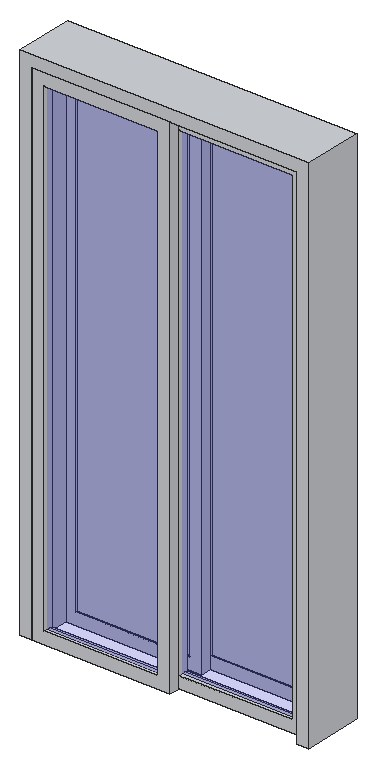
Revit family "Porta veneziana envidraçada de correr dupla sem revestimento", category Portas, Revit 2019
Family settings
  Hospedeiro = Parede
  Número OmniClass = 23.30.10.00
  Título OmniClass = Doors
  Sempre na vertical = Sim
  Corte com vazios quando carregada = Não
  Compartilhado = Não
  Ponto de cálculo do ambiente = Não
Parameters (values of type "1200 x 2180mm")
  Visual Light Transmittance = 0
  Espessura = Espessura da moldura do painel * 4 + 30 mm  # 190 mm
  Solar Heat Gain Coefficient = 0
  Rough Width = Width  # 1200 mm
  Rough Height = Height  # 2180 mm
  Largura da moldura do painel = 50 mm
  Espessura da moldura do painel = 40 mm
  Material do painel = none
  ID do tipo de construção = ""
  Coeficiente de transferência de calor (U) = 3.7021 W/(m²·K)
  Largura do puxador = 40 mm
  Material do puxador = none
  Altura do puxador = 200 mm
  Vidro = none
  Função = Exterior
  Largura da estrutura = 50 mm
  Height = 2180 mm
  Fechamento da parede = Por hospedeiro
  Width = 1200 mm
  Material da moldura = none
  Construção analítica = Metal
Types (5, lengths in mm): name | Rough Width | Width
  (no name) | 1200 | 1200
  1200 x 2180mm | 1200 | 1200
  1400 x 2180mm | 1400 | 1400
  1600 x 2180mm | 1600 | 1600
  1800 x 2180mm | 1800 | 1800
Reference planes
  plane 1: y = 0
  plane 2 "Centro (Esquerda/Direita)": x = 0
  plane 3 "Esquerda": x = -600
  plane 4 "Direita": x = 600
  plane 5: z = 2180
  plane 6 "Exterior": y = 125
  plane 7 "Interior": y = -125
  plane 8: x = -550
  plane 9: x = -500
  plane 10: x = 500
  plane 11: x = 550
  plane 12: y = -85
  plane 13: z = 0
  plane 14: z = 2080
  plane 15: z = 50
  plane 16: z = 2130
  plane 17: x = 25
  plane 18: x = -25
  plane 19: z = 1065
  plane 20: x = 262.5
  plane 21: x = -262.5
  plane 22: z = 900
  plane 23: y = -40
  plane 24: y = 80
  plane 25: y = -125
  plane 26: y = -80
  plane 27: y = 40
  plane 28: y = 85
  plane 29: y = 125
  plane 30: y = -105
  plane 31: y = -60
  plane 32: y = 60
  plane 33: y = 105
  plane 34: y = -98
  plane 35: y = -112
  plane 36: y = -53
  plane 37: y = -67
  plane 38: y = 72
  plane 39: y = 48
  plane 40: y = 117
  plane 41: y = 93
  plane 42: z = 1000
  plane 43: z = 800
  plane 44: x = 20
  plane 45: x = -20
  plane 46: z = 962
  plane 47: z = 838
  plane 48: x = 17
  plane 49: x = -17
  plane 50: x = 400
  plane 51: x = 125
  plane 52: through (400, 300, 1065) normal (0.5, 0, 0.866)
  plane 53: x = 400
  plane 54: through (400, 300, 1065) normal (-0.5, 0, 0.866)
  plane 55: x = -400
  plane 56: x = -125
  plane 57: through (-400, 300, 1065) normal (0.5, 0, -0.866)
  plane 58: x = -400
  plane 59: through (-400, 300, 1065) normal (-0.5, 0, -0.866)
  plane 60: x = 540
Forms (mm)
  Sweep 1, solid, material <- "Material da moldura", detail levels coarse+medium
    path origin (0, 125, 0) x (1, 0, 0) y (0, 0, 1)
      loop
        line (600, 0) -> (600, 2180) -> (-600, 2180) -> (-600, 0)
    profile origin (600, 125, 1090) x (-1, 0, 0) y (0, -1, 0)
      loop
        line (0, 0) -> (50, 0) -> (50, 250) -> (0, 250) -> (0, 0)
  Sweep 2, solid, material <- "Material da moldura"
    path origin (0, 125, 0) x (-1, 0, 0) y (0, 0, 1)
      loop
        line (-550, 0) -> (25, 0) -> (25, 2130) -> (-550, 2130) -> (-550, 0)
    profile origin (550, 125, 1065) x (-1, 0, 0) y (0, -1, 0)
      loop
        line (50, 165) -> (50, 205) -> (0, 205) -> (0, 165) -> (50, 165)
  Extrusion 3, solid, material <- "Vidro", detail levels fine
    sketch origin (0, 0, 0) x (-1, 0, 0) y (0, -1, 0)
      loop
        line (500, 98) -> (500, 112) -> (25, 112) -> (25, 98) -> (500, 98)
      loop
        line (-25, 53) -> (-25, 67) -> (-500, 67) -> (-500, 53) -> (-25, 53)
    from 50 to 2080
  Sweep 4, solid, material <- "Material da moldura"
    path origin (0, 125, 50) x (-1, 0, 0) y (0, 0, 1)
      loop
        line (550, -50) -> (550, 2080) -> (-25, 2080) -> (-25, -50) -> (550, -50)
    profile origin (-550, 125, 1065) x (-1, 0, 0) y (0, -1, 0)
      loop
        line (0, 210) -> (0, 250) -> (-50, 250) -> (-50, 210) -> (0, 210)
  Sweep 5, solid, material <- "Material da moldura", detail levels coarse+medium
    path origin (0, 125, 0) x (1, 0, 0) y (0, 0, 1)
      loop
        line (550, 0) -> (550, 2130) -> (-25, 2130) -> (-25, 0) -> (550, 0)
    profile origin (550, 125, 1065) x (-1, 0, 0) y (0, -1, 0)
      loop
        line (50, 0) -> (50, 40) -> (0, 40) -> (0, 0) -> (50, 0)
  Sweep 6, solid, material <- "Material da moldura"
    path origin (0, 125, 0) x (1, 0, 0) y (0, 0, 1)
      loop
        line (25, 0) -> (25, 2130) -> (-550, 2130) -> (-550, 0) -> (25, 0)
    profile origin (25, 125, 1065) x (-1, 0, 0) y (0, -1, 0)
      loop
        line (50, 45) -> (50, 85) -> (0, 85) -> (0, 45) -> (50, 45)
  Extrusion 7, solid, material <- "Vidro"
    sketch origin (0, -125, 0) x (-1, 0, 0) y (0, -1, 0)
      loop
        line (500, -27) -> (500, -13) -> (25, -13) -> (25, -27) -> (500, -27)
      loop
        line (-25, -72) -> (-25, -58) -> (-500, -58) -> (-500, -72) -> (-25, -72)
    from 50 to 2080
  Sweep 8, solid, material <- "Material da moldura", detail levels fine
    path origin (0, 225, 0) x (1, 0, 0) y (0, 0, 1)
      loop
        line (550, 0) -> (550, 2130) -> (-25, 2130) -> (-25, 0) -> (550, 0)
    profile origin (550, 225, 1065) x (-1, 0, 0) y (0, -1, 0)
      loop
        line (50, 100) -> (50, 140) -> (0, 140) -> (0, 100) -> (50, 100)
  Sweep 9, solid, material <- "Material da moldura", detail levels fine
    path origin (0, 150, 0) x (1, 0, 0) y (0, 0, 1)
      loop
        line (600, 0) -> (600, 2180) -> (-600, 2180) -> (-600, 0)
    profile origin (600, 150, 1090) x (-1, 0, 0) y (0, -1, 0)
      loop
        line (0, 25) -> (50, 25) -> (50, 110) -> (60, 110) -> (60, 190) -> (50, 190) -> (50, 275) -> (0, 275) -> (0, 25)
  Extrusion 10, solid, material <- "Material do painel", detail levels medium+fine
    sketch origin (0, 180, 0) x (1, 0, 0) y (0, 1, 0)
      loop
        line (-500, -108) -> (-500, -132) -> (-25, -132) -> (-25, -108) -> (-500, -108)
      loop
        line (25, -63) -> (25, -87) -> (500, -87) -> (500, -63) -> (25, -63)
    from 50 to 2080
  Extrusion 11, solid, material <- "Material do painel"
    sketch origin (120, 387.846, 0) x (1, 0, 0) y (0, 1, 0)
      loop
        line (-620, -315.846) -> (-620, -339.846) -> (-145, -339.846) -> (-145, -315.846) -> (-620, -315.846)
      loop
        line (-95, -270.846) -> (-95, -294.846) -> (380, -294.846) -> (380, -270.846) -> (-95, -270.846)
    from 50 to 2080
Lines and regions (mm)
  Opening 1
    outline origin (-3050, -125, 0) x (1, 0, 0) y (0, 0, 1)
      loop
        line (2450, 0) -> (3650, 0) -> (3650, 2180) -> (2450, 2180) -> (2450, 0)
  symbolic lines, style "Giro da elevação"
    curve 1: line (550, 125, 2130) -> (-25, 125, 0)
    curve 2: line (-25, 125, 2130) -> (550, 125, 0)
    curve 3: line (-550, 125, 2130) -> (25, 125, 0)
    curve 4: line (25, 125, 2130) -> (-550, 125, 0)
  model lines, style "DoorsGlassProjection", detail levels medium
    curve 5: line (-25, -105, 2080) -> (-500, -105, 2080)
    curve 6: line (-25, -105, 50) -> (-25, -105, 2080)
    curve 7: line (-500, -105, 50) -> (-25, -105, 50)
    curve 8: line (-500, -105, 2080) -> (-500, -105, 50)
    curve 9: line (500, -60, 2080) -> (25, -60, 2080)
    curve 10: line (500, -60, 50) -> (500, -60, 2080)
    curve 11: line (25, -60, 50) -> (500, -60, 50)
    curve 12: line (25, -60, 2080) -> (25, -60, 50)
  symbolic lines, style "Seta"
    curve 13: line (400, -60, 1065) -> (125, -60, 1065)
    curve 14: line (400, -60, 1065) -> (322.058, -60, 1110)
    curve 15: line (400, -60, 1065) -> (322.058, -60, 1020)
    curve 16: line (-400, -60, 1065) -> (-125, -60, 1065)
    curve 17: line (-400, -60, 1065) -> (-322.058, -60, 1110)
    curve 18: line (-400, -60, 1065) -> (-322.058, -60, 1020)
Text (mm)
  text "Externo" at (-2295.016, 1099.543, 0), in view "Nível de referência"
  text "Externo" at (0, 1615.38, 3698.081), in view "Esquerda"
  text "Externo" at (0, 1036.032, 3874.932), in view "Direita"
Dimensions and locks
  equal spacing: plane 3 "Esquerda", plane 2 "Centro (Esquerda/Direita)", plane 4 "Direita"
  "Width": plane 3 "Esquerda" to plane 4 "Direita"
  "Height": host wall to plane 5
  host wall to plane 5 = 2180 mm
  locked: plane 6 "Exterior" to host wall at 0
  locked: plane 7 "Interior" to host wall
  "Largura da estrutura": plane 3 "Esquerda" to plane 8
  "Largura da estrutura": plane 11 to plane 4 "Direita"
  "Largura da moldura do painel": plane 8 to plane 9
  "Largura da moldura do painel": plane 10 to plane 11
  "Largura da estrutura": plane 16 to plane 5
  "Largura da moldura do painel": plane 14 to plane 16
  "Largura da moldura do painel": plane 13 to plane 15
  equal spacing: plane 18, plane 2 "Centro (Esquerda/Direita)", plane 17
  "Largura da moldura do painel": plane 18 to plane 17
  equal spacing: plane 13, plane 19, plane 16
  equal spacing: plane 11, plane 20, plane 18
  equal spacing: plane 8, plane 21, plane 17
  locked: plane 13 to plane 22 at 900
  equal spacing: plane 43, plane 22, plane 42
  "Altura do puxador": plane 43 to plane 42
  equal spacing: plane 45, plane 2 "Centro (Esquerda/Direita)", plane 44
  "Largura do puxador": plane 45 to plane 44
  locked: plane 46 to plane 42 at 38
  locked: plane 43 to plane 47 at 38
  locked: plane 45 to plane 49 at 3
  locked: plane 48 to plane 44 at 3
  "Espessura da moldura do painel": plane 12 to plane 25
  "Espessura da moldura do painel": plane 23 to plane 26
  "Espessura da moldura do painel": plane 24 to plane 27
  "Espessura da moldura do painel": plane 29 to plane 28
  equal spacing: plane 12, plane 30, plane 25
  plane 34 to plane 30 to plane 35 = 7 mm locked, 7 mm locked
  equal spacing: plane 24, plane 32, plane 27
  plane 38 to plane 32 to plane 39 = 12 mm locked, 12 mm locked
  equal spacing: plane 29, plane 33, plane 28
  plane 41 to plane 33 to plane 40 = 12 mm locked, 12 mm locked
  equal spacing: plane 23, plane 31, plane 26
  plane 36 to plane 31 to plane 37 = 7 mm locked, 7 mm locked
  locked: plane 50 to plane 51 at 275
  equal spacing: plane 50, plane 20, plane 51
  locked: curve 14 to curve 14 at 90
  locked: curve 15 to curve 15 at 90
  locked: plane 55 to plane 56 at 275
  equal spacing: plane 55, plane 21, plane 56
  locked: curve 17 to curve 17 at 90
  locked: curve 18 to curve 18 at 90
  locked: plane 60 to plane 11 at 10
  locked: plane 26 to plane 12 at 5
  locked: plane 28 to plane 24 at 5
  locked: plane 19 to plane 52 (angle 30.00°)
  locked: plane 54 to plane 19 (angle 30.00°)
  locked: plane 57 to plane 19 (angle 30.00°)
  locked: plane 19 to plane 59 (angle 30.00°)
  aligned and locked: plane 3 "Esquerda" to Opening 1 sketch curve
  aligned and locked: plane 5 to Opening 1 sketch curve  (x2)
  aligned and locked: Opening 1 sketch curve to plane 4 "Direita"
  aligned and locked: Opening 1 sketch curve to level
  aligned and locked: plane 1 to host wall
  aligned and locked: level to plane 13
  aligned and locked: Sweep 1 sketch curve to plane 3 "Esquerda"
  aligned and locked: plane 5 to Sweep 1 sketch curve
  aligned and locked: plane 4 "Direita" to Sweep 1 sketch curve
  aligned and locked: Sweep 1 sketch curve to profile plane
  aligned and locked: Sweep 1 sketch curve to host wall
  aligned and locked: host wall to Sweep 1 sketch curve
  aligned and locked: Sweep 1 sketch curve to plane 11
  aligned and locked: Sweep 4 sketch curve to plane 8
  aligned and locked: Sweep 4 sketch curve to plane 17
  aligned and locked: Sweep 2 sketch curve to plane 11
  aligned and locked: Sweep 2 sketch curve to plane 16
  aligned and locked: Sweep 2 sketch curve to plane 18
  aligned and locked: plane 13 to Sweep 2 sketch curve
  aligned and locked: plane 16 to curve 1
  aligned and locked: plane 11 to curve 1
  aligned and locked: plane 18 to curve 2
  aligned and locked: plane 16 to curve 2
  aligned and locked: plane 11 to curve 2
  aligned and locked: plane 13 to curve 2
  aligned and locked: plane 18 to curve 1
  aligned and locked: plane 13 to curve 1
  aligned and locked: plane 16 to curve 3
  aligned and locked: plane 8 to curve 3
  aligned and locked: plane 16 to curve 4
  aligned and locked: plane 13 to curve 4
  aligned and locked: plane 8 to curve 4
  aligned and locked: plane 17 to curve 3
  aligned and locked: plane 13 to curve 3
  aligned and locked: Sweep 4 sketch curve to plane 13
  aligned and locked: plane 16 to Sweep 4 sketch curve
  aligned and locked: Sweep 5 sketch curve to plane 18
  aligned and locked: Sweep 5 sketch curve to plane 11
  aligned and locked: Sweep 5 sketch curve to plane 16
  aligned and locked: Sweep 6 sketch curve to plane 16
  aligned and locked: plane 17 to Sweep 6 sketch curve
  aligned and locked: plane 8 to Sweep 6 sketch curve
  aligned and locked: plane 13 to Sweep 5 sketch curve
  aligned and locked: plane 13 to Sweep 6 sketch curve
  aligned and locked: Sweep 4 sketch curve to plane 12
  aligned and locked: profile plane to Sweep 4 sketch curve
  aligned and locked: plane 25 to Sweep 4 sketch curve
  aligned and locked: Sweep 4 sketch curve to plane 9
  aligned and locked: Sweep 2 sketch curve to plane 23
  aligned and locked: plane 10 to Sweep 2 sketch curve
  aligned and locked: plane 26 to Sweep 2 sketch curve
  aligned and locked: Sweep 2 sketch curve to profile plane
  aligned and locked: Sweep 5 sketch curve to plane 29
  aligned and locked: plane 10 to Sweep 5 sketch curve
  aligned and locked: plane 28 to Sweep 5 sketch curve
  aligned and locked: Sweep 5 sketch curve to profile plane
  aligned and locked: Extrusion 3 sketch curve to plane 34
  aligned and locked: plane 9 to Extrusion 3 sketch curve
  aligned and locked: Extrusion 3 sketch curve to plane 35
  aligned and locked: plane 18 to Extrusion 3 sketch curve
  aligned and locked: Extrusion 3 sketch curve to plane 36
  aligned and locked: Extrusion 3 sketch curve to plane 17
  aligned and locked: Extrusion 3 sketch curve to plane 37
  aligned and locked: Extrusion 3 sketch curve to plane 10
  aligned and locked: plane 14 to Extrusion 3
  aligned and locked: plane 14 to Extrusion 7
  aligned and locked: Extrusion 7 to plane 15
  aligned and locked: Extrusion 7 sketch curve to Extrusion 3  (x8)
  aligned and locked: curve 5 to plane 14
  aligned and locked: plane 15 to curve 7
  aligned and locked: plane 18 to curve 6
  aligned and locked: plane 9 to curve 8
  aligned and locked: curve 9 to plane 14
  aligned and locked: plane 15 to curve 11
  aligned and locked: curve 12 to plane 17
  aligned and locked: curve 10 to plane 10
  aligned and locked: nested 1 to plane 29
  aligned and locked: plane 2 "Centro (Esquerda/Direita)" to nested 1
  aligned and locked: plane 22 to nested 1
  aligned and locked: Sweep 8 sketch curve to plane 16
  aligned and locked: Sweep 8 sketch curve to plane 11  (x2)
  aligned and locked: Sweep 8 sketch curve to plane 18
  aligned and locked: plane 13 to Sweep 8 sketch curve
  aligned and locked: Sweep 8 sketch curve to plane 29
  aligned and locked: plane 10 to Sweep 8 sketch curve
  aligned and locked: plane 28 to Sweep 8 sketch curve
  aligned and locked: plane 27 to Sweep 6 sketch curve
  aligned and locked: Sweep 6 sketch curve to plane 18
  aligned and locked: Sweep 6 sketch curve to profile plane
  aligned and locked: Sweep 6 sketch curve to plane 24
  aligned and locked: plane 18 to Sweep 6
  aligned and locked: Sweep 8 to plane 10
  aligned and locked: Sweep 8 to plane 17
  aligned and locked: plane 4 "Direita" to Sweep 9 sketch curve
  aligned and locked: Sweep 9 sketch curve to plane 3 "Esquerda"
  aligned and locked: level to Sweep 9 sketch curve  (x2)
  aligned and locked: plane 5 to Sweep 9 sketch curve
  aligned and locked: plane 29 to plane 6 "Exterior"
  aligned and locked: Sweep 9 sketch curve to plane 60
  aligned and locked: plane 7 "Interior" to Sweep 9 sketch curve
  aligned and locked: plane 29 to Sweep 9 sketch curve
  aligned and locked: plane 27 to Sweep 9 sketch curve
  aligned and locked: Sweep 9 sketch curve to plane 23
  aligned and locked: plane 25 to plane 7 "Interior"
  aligned and locked: Extrusion 10 sketch curve to plane 38
  aligned and locked: Extrusion 10 sketch curve to plane 39
  aligned and locked: plane 9 to Extrusion 10 sketch curve
  aligned and locked: plane 18 to Extrusion 10 sketch curve
  aligned and locked: plane 41 to Extrusion 10 sketch curve
  aligned and locked: plane 40 to Extrusion 10 sketch curve
  aligned and locked: Extrusion 10 sketch curve to plane 17
  aligned and locked: Extrusion 10 sketch curve to plane 10
  aligned and locked: plane 14 to Extrusion 10
  aligned and locked: Extrusion 10 to plane 15
  aligned and locked: plane 9 to Extrusion 11 sketch curve
  aligned and locked: Extrusion 11 sketch curve to plane 39
  aligned and locked: Extrusion 11 sketch curve to plane 38
  aligned and locked: plane 18 to Extrusion 11 sketch curve
  aligned and locked: Extrusion 11 sketch curve to plane 17
  aligned and locked: plane 41 to Extrusion 11 sketch curve
  aligned and locked: plane 40 to Extrusion 11 sketch curve
  aligned and locked: Extrusion 11 sketch curve to plane 10
  aligned and locked: plane 14 to Extrusion 11
  aligned and locked: Extrusion 11 to plane 15
Automatic sketch dimensions
  Sweep 1 sketch curve to level = 0 mm  (x2)
  plane 17 to curve 4 = 0 mm
  curve 14 to plane 19 = 0 mm
  curve 14 to plane 50 = 0 mm
  curve 14 to plane 52 = 0 mm
  curve 15 to plane 54 = 0 mm
  curve 13 to plane 51 = 0 mm
  curve 16 to plane 19 = 0 mm
  curve 16 to plane 56 = 0 mm
  plane 57 to curve 17 = 0 mm
  plane 59 to curve 18 = 0 mm
  curve 18 to plane 55 = 0 mm
  Sweep 9 sketch curve to profile plane = 0 mm
  Sweep 9 sketch curve to Sweep 9 sketch curve = 50 mm  (x2)
Nested families
  nested 1: "Maçaneta da porta 3" at (0, 125, 900), type "Maçaneta da porta 3", detail levels fine
Definition of nested family "Maçaneta da porta 3"
  Parameters
    Width = 40 mm
    Thickness = 3 mm
    Rough Width = Width  # 40 mm
    Rough Height = Height  # 200 mm
    Height = 200 mm
    Material do puxador = none
  Reference planes
    plane 1 "Centro (Frente/Trás)": y = 0
    plane 2: z = 0
    plane 3 "Centro (Esquerda/Direita)": x = 0
    plane 4: x = -20
    plane 5: x = 20
    plane 6: y = 3
    plane 7: z = 100
    plane 8: z = -100
    plane 9: y = -10
    plane 10: x = 15
    plane 11: x = -15
    plane 12: z = 60
    plane 13: z = -60
    plane 14: z = 85
    plane 15: z = -85
    plane 16: z = 62
    plane 17: x = 17
    plane 18: x = -17
    plane 19: z = -62
    plane 20: y = -8
    plane 21: y = -15
  Forms (mm)
    Extrusion 1, solid, material <- "Material do puxador"
      sketch origin (0, 0, 0) x (1, 0, 0) y (0, 0, 1)
        loop
          line (10, 100) -> (-10, 100)
          arc (-10, 100) -> (-17.071, 97.071) -> (-20, 90) r 10
          line (-20, 90) -> (-20, -90)
          arc (-20, -90) -> (-17.071, -97.071) -> (-10, -100) r 10
          line (-10, -100) -> (10, -100)
          arc (10, -100) -> (17.071, -97.071) -> (20, -90) r 10
          line (20, -90) -> (20, 90)
          arc (20, 90) -> (17.071, 97.071) -> (10, 100) r 10
        loop
          line (10, 60) -> (-10, 60)
          arc (-10, 60) -> (-13.536, 58.536) -> (-15, 55) r 5
          line (-15, 55) -> (-15, -55)
          arc (-15, -55) -> (-13.536, -58.536) -> (-10, -60) r 5
          line (-10, -60) -> (10, -60)
          arc (10, -60) -> (13.536, -58.536) -> (15, -55) r 5
          line (15, -55) -> (15, 55)
          arc (15, 55) -> (13.536, 58.536) -> (10, 60) r 5
        loop
          circle (0, 85) r 5
        loop
          circle (0, -85) r 5
      from -3 to 0
    Extrusion 2, solid, material <- "Material do puxador"
      sketch origin (0, 0, 0) x (1, 0, 0) y (0, 0, 1)
        loop
          arc (-10, 60) -> (-13.536, 58.536) -> (-15, 55) r 5
          line (-15, 55) -> (-15, -55)
          arc (-15, -55) -> (-13.536, -58.536) -> (-10, -60) r 5
          line (-10, -60) -> (10, -60)
          arc (10, -60) -> (13.536, -58.536) -> (15, -55) r 5
          line (15, -55) -> (15, 55)
          arc (15, 55) -> (13.536, 58.536) -> (10, 60) r 5
          line (10, 60) -> (-10, 60)
        loop
          arc (-10, 62) -> (-14.95, 59.95) -> (-17, 55) r 7
          line (-17, 55) -> (-17, -55)
          arc (-17, -55) -> (-14.95, -59.95) -> (-10, -62) r 7
          line (-10, -62) -> (10, -62)
          arc (10, -62) -> (14.95, -59.95) -> (17, -55) r 7
          line (17, -55) -> (17, 55)
          arc (17, 55) -> (14.95, 59.95) -> (10, 62) r 7
          line (10, 62) -> (-10, 62)
      from 0 to 10
    Extrusion 3, solid, material <- "Material do puxador"
      sketch origin (0, 0, 0) x (1, 0, 0) y (0, 0, 1)
        loop
          arc (-10, 60) -> (-13.536, 58.536) -> (-15, 55) r 5
          line (-15, 55) -> (-15, -55)
          arc (-15, -55) -> (-13.536, -58.536) -> (-10, -60) r 5
          line (-10, -60) -> (10, -60)
          arc (10, -60) -> (13.536, -58.536) -> (15, -55) r 5
          line (15, -55) -> (15, 55)
          arc (15, 55) -> (13.536, 58.536) -> (10, 60) r 5
          line (10, 60) -> (-10, 60)
      from 8 to 10
    Extrusion 4, void
      sketch origin (0, 0, 0) x (1, 0, 0) y (0, 0, 1)
        loop
          line (-17, 62) -> (-17, -62) -> (17, -62) -> (17, 62) -> (-17, 62)
      from 0 to 15
  Cuts and joins
    Extrusion 4 cuts Extrusion 1
    Extrusion 4 cuts Extrusion 2
    Extrusion 4 cuts Extrusion 3
    joined: Extrusion 1, Extrusion 2, Extrusion 3
  Dimensions and locks
    equal spacing: plane 4, plane 3 "Centro (Esquerda/Direita)", plane 5
    "Thickness": plane 6 to plane 1 "Centro (Frente/Trás)"
    "Width": plane 4 to plane 5
    equal spacing: plane 7, plane 2, plane 8
    "Height": plane 7 to plane 8
    locked: plane 10 to plane 5 at 5
    locked: plane 4 to plane 11 at 5
    locked: plane 8 to plane 13 at 40
    locked: plane 12 to plane 7 at 40
    locked: plane 14 to plane 7 at 15
    locked: plane 8 to plane 15 at 15
    locked: plane 9 to cut or joined group of Extrusion 1, Extrusion 2, Extrusion 3, Extrusion 4 at 10
    locked: plane 18 to plane 11 at 2
    locked: plane 19 to plane 13 at 2
    locked: plane 12 to plane 16 at 2
    locked: plane 10 to plane 17 at 2
    locked: plane 20 to plane 9 at 2
    locked: plane 9 to plane 21 at 5
    radius of Extrusion 1 sketch curve = 10 mm  (x4)
    radius of Extrusion 1 sketch curve = 5 mm  (x6)
    radius of Extrusion 2 sketch curve = 7 mm  (x4)
    aligned and locked: level to plane 2
    aligned and locked: plane 7 to Extrusion 1 sketch curve
    aligned and locked: plane 5 to Extrusion 1 sketch curve
    aligned and locked: Extrusion 1 sketch curve to plane 8
    aligned and locked: Extrusion 1 sketch curve to plane 4
    aligned and locked: plane 12 to Extrusion 1 sketch curve
    aligned and locked: Extrusion 1 sketch curve to plane 10
    aligned and locked: Extrusion 1 sketch curve to plane 13
    aligned and locked: plane 11 to Extrusion 1 sketch curve
    aligned and locked: plane 6 to Extrusion 1
    aligned and locked: plane 1 "Centro (Frente/Trás)" to Extrusion 1
    aligned and locked: plane 14 to Extrusion 1 sketch curve
    aligned and locked: plane 3 "Centro (Esquerda/Direita)" to Extrusion 1 sketch curve  (x2)
    aligned and locked: plane 15 to Extrusion 1 sketch curve
    aligned and locked: Extrusion 2 sketch curve to Extrusion 1  (x4)
    aligned and locked: Extrusion 2 to plane 1 "Centro (Frente/Trás)"
    aligned and locked: Extrusion 2 to plane 9
    aligned and locked: plane 16 to Extrusion 2 sketch curve
    aligned and locked: Extrusion 2 sketch curve to plane 17
    aligned and locked: plane 19 to Extrusion 2 sketch curve
    aligned and locked: Extrusion 2 sketch curve to plane 18
    aligned and locked: Extrusion 3 sketch curve to cut or joined group of Extrusion 1, Extrusion 2, Extrusion 3, Extrusion 4  (x4)
    aligned and locked: plane 20 to Extrusion 3
    aligned and locked: Extrusion 3 to plane 9
    aligned and locked: Extrusion 4 sketch curve to plane 16
    aligned and locked: plane 18 to Extrusion 4 sketch curve
    aligned and locked: Extrusion 4 sketch curve to plane 19
    aligned and locked: plane 17 to Extrusion 4 sketch curve
    aligned and locked: Extrusion 4 to plane 1 "Centro (Frente/Trás)"
    aligned and locked: Extrusion 4 to plane 21
  Automatic sketch dimensions
    Extrusion 1 sketch curve to plane 4 = 0 mm
    Extrusion 1 sketch curve to plane 5 = 0 mm
